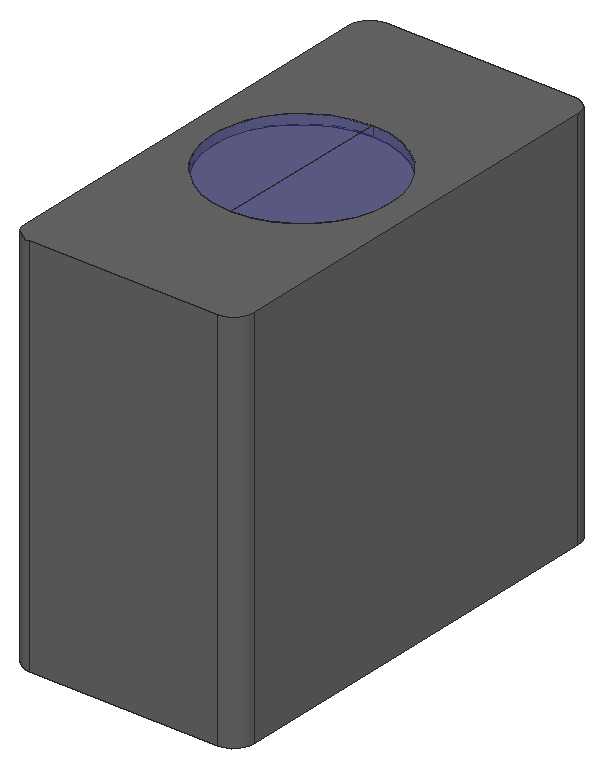
Revit family "Domotics-DomesticRanges-GEWISS-SYSTEM_SIGNALLING-LAMP_1M", category Apparecchi elettrici, host Superficie, Revit 2016
Family settings
  Host = Superficie
  Mantenere orientamento annotazione = Sì
  Tipo di parte = Normale
  Quota connettore circolare = Usa diametro
  Taglio con vuoti quando caricato = Sì
  Condiviso = Sì
  Punto di calcolo locali = Sì
Parameters (values of type "GW21631 - Ind.light-blue flat diff. black")
  Voltage: = "12/24/250V AC"
  Voltage = "12/24/250V AC"
  Volt = 230 V
  Vista in pianta [instance] = yes
  Version file RFA = "19.4"
  URL = "https://www.gewiss.com/ww/en"
  Type: = "Single"
  Type = "Single"
  Technical sheet = "https://www.gewiss.com/ww/en/search?q=GW21631"
  TIPO_ = System Spie 1M_GENERICO : GW21631 Spia piana diffusore azzurro nero
  Simbolo [instance] = yes
  SEO = "Indicator"
  Realized by GEWISS S.p.A. = ""
  Default Elevation = 1219.2 mm
  Produttore = "GEWISS S.p.A."
  Offset presa [instance] = 0 mm
  Offset bidimensionale [instance] = 39 mm
  No. SYSTEM modules = "1"
  N. poli = 1
  Modello = "GW21631"
  Lamp holder = "Cartridge"
  Immagine tipo = GW21631.jpg
  IFC.TypeObject = ""
  IFC.ExportType = ""
  IFC.ExportAs = ""
  IDT = "e934abc8-67f1-4d65-9d07-b179970d7e55"
  IDF = "fa61e156-ee9e-44cf-9531-f9ff91addf2c"
  Fixing for lamp = "Cartridge"
  Electrocod = "0132"
  EAN code = "8011564129733"
  Distanza_x [instance] = 0 mm
  Distanza_effettiva_y [instance] = 100 mm
  Distanza_effettiva_x [instance] = 1000 mm - Distanza_x  # 1000 mm
  Distanza orizzontale del simbolo [instance] = 101.814 mm
  Distanza dal muro [instance] = 4.208 mm
  Diffusor type = "Flat"
  Diffuser meaning = "Specific"
  Diffuser colour: = "Light blue"
  Diffuser colour = "Light blue"
  Descrizione = "IND.LIGHT-BLUE FLAT DIFF.SY/BK"
  Description. = "Flat indicator lamp"
  Colour = "Black"
  Catalogue Range = "SYSTEM - DOMESTIC RANGE"
  Catalogue = "DOMOTICS"
  Carico apparente = 0 VA
  COBie.Tagnumber = ""
  COBie.CreatedOn = ""
  COBie.CreatebBy = ""
  COBie.ComponentRegisterItemID = ""
  COBie.Component.TagNumber = ""
  COBie.Component.Space = ""
  COBie.Component.SerialNumber = ""
  COBie.Component.InstallationDate = ""
  COBie.Component.Description = ""
  COBie.Component.BarCode = ""
Types (10, lengths in mm): name | Technical sheet | TIPO_ | Modello | Immagine tipo | IDT | EAN code | Diffuser meaning | Diffuser colour: | Diffuser colour | Descrizione | Colour
  GW20603 - Ind.light-red flat diff. white | "https://www.gewiss.com/ww/en/search?q=GW20603" | System Spie 1M_GENERICO : GW20603 Spia piana diffusore rosso bianco | "GW20603" | GW20603.jpg | "1ff6ce26-d1a2-4239-9ffa-73e27b560731" | "8011564000926" | "Danger" | "Red" | "Red" | "IND.LIGHT-RED FLAT DIFF.SY/WT" | "White"
  GW20604 - Ind.light-green flat diff. white | "https://www.gewiss.com/ww/en/search?q=GW20604" | System Spie 1M_GENERICO : GW20604 Spia piana diffusore verde bianco | "GW20604" | GW20604.jpg | "81b4355a-8bd5-4424-b56c-d8b93510c6c6" | "8011564000933" | "Safety" | "Green" | "Green" | "IND.LIGHT-GREEN FLAT DIFF.SY/WT" | "White"
  GW20605 - Ind.light-yellow flat diff. white | "https://www.gewiss.com/ww/en/search?q=GW20605" | System Spie 1M_GENERICO : GW20605 Spia piana diffusore giallo bianco | "GW20605" | GW20605.jpg | "976b318f-22f8-436a-8892-610c52a6f50d" | "8011564000940" | "Attention" | "Yellow" | "Yellow" | "IND.LIGHT-YELLOW FLAT DIFF.SY/WT" | "White"
  GW20606 - Ind.light-transp.flat diff. white | "https://www.gewiss.com/ww/en/search?q=GW20606" | System Spie 1M_GENERICO : GW20606 Spia piana diffusore trasparente bianco | "GW20606" | GW20606.jpg | "93dffec4-0173-4bc8-8f63-78f60ebcad31" | "8011564000957" | "Neutral" | "Transparent" | "Transparent" | "IND.LIGHT-TRANSP.FLAT DIFF.SY/WT" | "White"
  GW20631 - Ind.light-blue flat diff. white | "https://www.gewiss.com/ww/en/search?q=GW20631" | System Spie 1M_GENERICO : GW20631 Spia piana diffusore azzurro bianco | "GW20631" | GW20631.jpg | "f97b8514-8432-47f6-ad2f-a88f1f5025a5" | "8011564024830" | "Specific" | "Light blue" | "Light blue" | "IND.LIGHT-BLUE FLAT DIFF.SY/WT" | "White"
  GW21603 - Ind.light-red flat diff. black | "https://www.gewiss.com/ww/en/search?q=GW21603" | System Spie 1M_GENERICO : GW21603 Spia piana diffusore rosso nero | "GW21603" | GW21603.jpg | "8f36d5e7-042c-414b-aa55-b509f4aa04f3" | "8011564129696" | "Danger" | "Red" | "Red" | "IND.LIGHT-RED FLAT DIFF.SY/BK" | "Black"
  GW21604 - Ind.light-green flat diff. black | "https://www.gewiss.com/ww/en/search?q=GW21604" | System Spie 1M_GENERICO : GW21604 Spia piana diffusore verde nero | "GW21604" | GW21604.jpg | "a74afd47-90f7-42d4-9bd2-84053eac5d16" | "8011564129702" | "Safety" | "Green" | "Green" | "IND.LIGHT-GREEN FLAT DIFF.SY/BK" | "Black"
  GW21605 - Ind.light-yellow flat diff. black | "https://www.gewiss.com/ww/en/search?q=GW21605" | System Spie 1M_GENERICO : GW21605 Spia piana diffusore giallo nero | "GW21605" | GW21605.jpg | "c3f2e12f-9939-4aa8-8552-20b25e6142e1" | "8011564129719" | "Attention" | "Yellow" | "Yellow" | "IND.LIGHT-YELLOW FLAT DIFF.SY/BK" | "Black"
  GW21606 - Ind.light-transp.flat diff. black | "https://www.gewiss.com/ww/en/search?q=GW21606" | System Spie 1M_GENERICO : GW21606 Spia piana diffusore trasparente nero | "GW21606" | GW21606.jpg | "14664f73-e8d2-423a-82fa-353adbebc377" | "8011564129726" | "Neutral" | "Transparent" | "Transparent" | "IND.LIGHT-TRANSP.FLAT DIFF.SY/BK" | "Black"
  GW21631 - Ind.light-blue flat diff. black | "https://www.gewiss.com/ww/en/search?q=GW21631" | System Spie 1M_GENERICO : GW21631 Spia piana diffusore azzurro nero | "GW21631" | GW21631.jpg | "e934abc8-67f1-4d65-9d07-b179970d7e55" | "8011564129733" | "Specific" | "Light blue" | "Light blue" | "IND.LIGHT-BLUE FLAT DIFF.SY/BK" | "Black"
Reference planes
  plane 1 "Centro (Fronte/Retro)": y = 0
  plane 2: z = 0
  plane 3 "Centro (Sinistra/Destra)": x = 0
  plane 4: x = -1000
  plane 5: x = 0
  plane 6: y = 100
  plane 7: z = 0
  plane 8: z = 39
Lines and regions (mm)
  Masking region 1, visible <- "Vista in pianta"
    outline origin (0, 0, 0) x (1, 0, 0) y (0, 1, 0)
      loop
        line (-11.5, 22.5) -> (-11.5, -22.5) -> (11.5, -22.5) -> (11.5, 22.5) -> (-11.5, 22.5)
      loop
        circle (0, 0) r 8.942
  Masking region 2, visible <- "Vista in pianta"
    outline origin (0, 0, 0) x (1, 0, 0) y (0, 0, 1)
      loop
        line (-11.5, 39) -> (-11.5, 0) -> (11.5, 0) -> (11.5, 39) -> (-11.5, 39)
  Masking region 3, visible <- "Vista in pianta"
    outline origin (0, 0, 0) x (0, 1, 0) y (0, 0, 1)
      loop
        line (-22.5, 39) -> (-22.5, 0) -> (22.5, 0) -> (22.5, 39) -> (-22.5, 39)
Dimensions and locks
  plane 4 to plane 3 "Centro (Sinistra/Destra)" = 1000 mm
  "Distanza_effettiva_x": plane 4 to plane 5
  "Distanza_effettiva_y": plane 6 to plane 1 "Centro (Fronte/Retro)"
  "Offset presa": plane 7 to host face
  "Offset bidimensionale": plane 8 to host face
  aligned and locked: plane 2 to host face
  aligned and locked: level to host face
  aligned and locked: plane 3 "Centro (Sinistra/Destra)" to nested 1
  aligned and locked: plane 1 "Centro (Fronte/Retro)" to nested 1
  aligned and locked: plane 5 to nested 2
  aligned and locked: nested 2 to plane 6
  aligned and locked: Masking region 2 sketch curve to nested 1  (x4)
  aligned and locked: Masking region 3 sketch curve to nested 1  (x3)
  aligned and locked: Masking region 1 sketch curve to nested 1  (x4)
  aligned and locked: import instance to plane 8
  aligned and locked: nested 1 to plane 7
Automatic sketch dimensions
  host sketch curve to host sketch curve = 2438.4 mm  (x2)
  Masking region 3 sketch curve to plane 1 "Centro (Fronte/Retro)" = 22.5 mm
  Masking region 1 sketch curve to Masking region 1 sketch curve = 0 mm  (x2)
  plane 1 "Centro (Fronte/Retro)" to Masking region 1 sketch curve = 0 mm
  Masking region 1 sketch curve to plane 3 "Centro (Sinistra/Destra)" = 0 mm
  plane 1 "Centro (Fronte/Retro)" to Masking region 1 sketch curve = 8.942 mm
Nested families
  nested 1: "System Spie 1M_GENERICO" at (0, 0, 0), type <- "TIPO_", type "GW21631 Spia piana diffusore azzurro nero", detail levels medium+fine
  nested 2: "SPIE" at (0, 100, 0), Distanza dal muro <- "Distanza dal muro", SIMBOLO <- "Simbolo", visible <- "Simbolo", type "SPIE"
    with SIMBOLO yes, Distanza dal muro 4.208 mm, BORDO ACCESO yes
Connectors
  electrical at (0, 0, 0), driven by "N. poli", driven by "Volt", driven by "Carico apparente"
    settings: on nested 1, index 1, voltage 230 V, apparent load 0 VA, apparent load phase1 0 VA, apparent load phase2 0 VA, apparent load phase3 0 VA, power factor 1, load classification "Altro", number of poles 1, system type 31, power factor state 1, is connector primary yes, connector utility no, sub classification motor no, connector description ""
Definition of nested family "System Spie 1M_GENERICO"
  Parameters (values of type "GW21631 Spia piana diffusore azzurro nero")
    Profondità presa = 39 mm
    PLACCA = none
    Finitura Spia = none
    Altezza da Terra = 500 mm
  Types (10, lengths in mm): name | Altezza da Terra
    GW20603 Spia piana diffusore rosso bianco | 750
    GW20604 Spia piana diffusore verde bianco | 750
    GW20605 Spia piana diffusore giallo bianco | 750
    GW20606 Spia piana diffusore trasparente bianco | 750
    GW20631 Spia piana diffusore azzurro bianco | 750
    GW21603 Spia piana diffusore rosso nero | 750
    GW21604 Spia piana diffusore verde nero | 750
    GW21605 Spia piana diffusore giallo nero | 750
    GW21606 Spia piana diffusore trasparente nero | 750
    GW21631 Spia piana diffusore azzurro nero | 500
  Reference planes
    plane 1 "Centro (Fronte/Retro)": y = 0
    plane 2: z = 0
    plane 3 "Centro (Sinistra/Destra)": x = 0
    plane 4: z = 38.018
    plane 5: z = 39
  Forms (mm)
    Extrusion 1, solid, material <- "PLACCA"
      sketch origin (0, -772.5, 39) x (1, 0, 0) y (0, 1, 0)
        loop
          line (-9.5, 750) -> (9.5, 750)
          arc (9.5, 750) -> (10.914, 750.586) -> (11.5, 752) r 2
          line (11.5, 752) -> (11.5, 793)
          arc (11.5, 793) -> (10.914, 794.414) -> (9.5, 795) r 2
          line (9.5, 795) -> (-9.5, 795)
          arc (-9.5, 795) -> (-10.914, 794.414) -> (-11.5, 793) r 2
          line (-11.5, 793) -> (-11.5, 752)
          arc (-11.5, 752) -> (-10.914, 750.586) -> (-9.5, 750) r 2
      from 0 to -39
    Extrusion 2, void
      sketch origin (0, -772.5, 39) x (1, 0, 0) y (0, 1, 0)
        loop
          circle (0, 772.5) r 8.942
      from 0 to -0.982
    Revolve 3, solid, material <- "Finitura Spia"
      sketch origin (0, -772.5, 39) x (0, 0, -1) y (0, 1, 0)
        loop
          line (0.982, 772.5) -> (0, 772.5) -> (0, 763.558) -> (0.982, 763.558) -> (0.982, 772.5)
        axis (0.982, 772.5) -> (-0.018, 772.5)
      angle from 0 to 360
  Cuts and joins
    Extrusion 2 cuts Extrusion 1
  Dimensions and locks
    locked: cut or joined group of Extrusion 1, Extrusion 2 to plane 4 at 0.982
    "Profondità presa": plane 5 to level
    aligned and locked: level to plane 2
    aligned and locked: cut or joined group of Extrusion 1, Extrusion 2 to cut or joined group of Extrusion 1, Extrusion 2
    aligned and locked: cut or joined group of Extrusion 1, Extrusion 2 to Revolve 3 sketch curve
    aligned and locked: plane 4 to Extrusion 2
    aligned and locked: Extrusion 1 to Extrusion 2
    aligned and locked: cut or joined group of Extrusion 1, Extrusion 2 to level
  Automatic sketch dimensions
    Extrusion 1 sketch curve to plane 3 "Centro (Sinistra/Destra)" = 11.5 mm
    Extrusion 1 sketch curve to Extrusion 1 sketch curve = 2 mm  (x3)
    plane 3 "Centro (Sinistra/Destra)" to Extrusion 1 sketch curve = 9.5 mm  (x2)
    plane 1 "Centro (Fronte/Retro)" to Extrusion 1 sketch curve = 22.5 mm
    Extrusion 1 sketch curve to plane 1 "Centro (Fronte/Retro)" = 20.5 mm
    Extrusion 2 sketch curve to Extrusion 2 sketch curve = 0 mm  (x2)
    Extrusion 2 sketch curve to plane 3 "Centro (Sinistra/Destra)" = 0 mm
    plane 1 "Centro (Fronte/Retro)" to Extrusion 2 sketch curve = 0 mm
    Extrusion 2 sketch curve to Extrusion 2 sketch curve = 8.942 mm
    Revolve 3 sketch curve to plane 1 "Centro (Fronte/Retro)" = 0 mm  (x2)
    plane 4 to Revolve 3 sketch curve = 0 mm  (x2)
    Revolve 3 sketch curve to Revolve 3 sketch curve = 8.942 mm
    Revolve 3 sketch curve to Revolve 3 sketch curve = 4.651 mm
Definition of nested family "SPIE"
  Parameters (values of type "SEGNAP")
    tipo = SPIE_BASE : SEGNAP
    SIMBOLO [instance] = yes
    Distanza dal muro [instance] = 4.208 mm
    BORDO ACCESO [instance] = yes
  Types (3, lengths in mm): name | tipo
    SPIE DOPPIE | SPIE_BASE : SPIE DOPPIE
    SPIE | SPIE_BASE : SPIE
    SEGNAP | SPIE_BASE : SEGNAP
  Reference planes
    plane 1: y = 0
    plane 2: x = 0
  Lines and regions (mm)
    detail lines, visible <- "BORDO ACCESO", not visible
      curve 1: line (-2.25, 0.412, 0) -> (2.25, 0.412, 0)
      curve 2: line (2.25, 0.412, 0) -> (2.25, -5.588, 0)
      curve 3: line (2.25, -5.588, 0) -> (-2.25, -5.588, 0)
      curve 4: line (-2.25, -5.588, 0) -> (-2.25, 0.412, 0)
      curve 30: line (-1.85, 0.012, 0) -> (1.85, 0.012, 0)
      curve 31: line (1.85, 0.012, 0) -> (1.85, -5.188, 0)
      curve 32: line (1.85, -5.188, 0) -> (-1.85, -5.188, 0)
      curve 33: line (-1.85, -5.188, 0) -> (-1.85, 0.012, 0)
      curve 34: line (-2.25, 6, 0) -> (2.25, 6, 0)
      curve 35: line (2.25, 6, 0) -> (2.25, 0, 0)
      curve 36: line (2.25, 0, 0) -> (-2.25, 0, 0)
      curve 37: line (-2.25, 0, 0) -> (-2.25, 6, 0)
      curve 61: line (-1.85, 5.6, 0) -> (1.85, 5.6, 0)
      curve 62: line (1.85, 5.6, 0) -> (1.85, 0.4, 0)
      curve 63: line (1.85, 0.4, 0) -> (-1.85, 0.4, 0)
      curve 64: line (-1.85, 0.4, 0) -> (-1.85, 5.6, 0)
      curve 65: line (-2.443, 10.208, 0) -> (2.057, 10.208, 0)
      curve 66: line (2.057, 10.208, 0) -> (2.057, 4.208, 0)
      curve 67: line (2.057, 4.208, 0) -> (-2.443, 4.208, 0)
      curve 68: line (-2.443, 4.208, 0) -> (-2.443, 10.208, 0)
      curve 69: line (-2.043, 9.808, 0) -> (1.657, 9.808, 0)
      curve 70: line (1.657, 9.808, 0) -> (1.657, 4.608, 0)
      curve 71: line (1.657, 4.608, 0) -> (-2.043, 4.608, 0)
      curve 72: line (-2.043, 4.608, 0) -> (-2.043, 9.808, 0)
    detail lines, not visible
      curve 5: line (-9.473, -5.588, 0) -> (10.527, -5.588, 0)
      curve 6: circle (-0.56, -0.487, 0) r 0.969 normal (0, 0, 1)
      curve 7: line (-0.005, 0.306, 0) -> (0.852, 1.529, 0)
      curve 8: line (0.852, 1.529, 0) -> (1.529, 1.047, 0)
      curve 9: circle (-0.56, -315.487, 0) r 0.969 normal (0, 0, 1)
      curve 10: line (-0.005, -314.694, 0) -> (0.852, -313.471, 0)
      curve 11: line (0.852, -313.471, 0) -> (1.529, -313.953, 0)
      curve 12: line (-1.245, -314.803, 0) -> (0.124, -316.172, 0)
      curve 13: line (0.124, -314.803, 0) -> (-1.245, -316.172, 0)
      curve 14: circle (-0.56, -480.487, 0) r 0.969 normal (0, 0, 1)
      curve 15: line (-0.005, -479.694, 0) -> (0.852, -478.471, 0)
      curve 16: line (0.852, -478.471, 0) -> (1.529, -478.953, 0)
      curve 17: line (0.493, -478.983, 0) -> (1.167, -479.462, 0)
      curve 18: circle (-0.56, -880.487, 0) r 0.969 normal (0, 0, 1)
      curve 19: line (-0.005, -879.694, 0) -> (0.852, -878.471, 0)
      curve 20: line (0.852, -878.471, 0) -> (1.529, -878.953, 0)
      curve 21: line (-1.245, -879.803, 0) -> (0.124, -881.172, 0)
      curve 22: line (0.124, -879.803, 0) -> (-1.245, -881.172, 0)
      curve 23: line (0.493, -878.983, 0) -> (1.167, -879.462, 0)
      curve 24: circle (-0.56, -365.487, 0) r 0.969 normal (0, 0, 1)
      curve 25: line (-0.005, -364.694, 0) -> (0.852, -363.471, 0)
      curve 26: line (0.852, -363.471, 0) -> (1.529, -363.953, 0)
      curve 27: line (-0.56, -364.925, 0) -> (-0.56, -366.05, 0)
      curve 28: line (0.493, -363.983, 0) -> (1.167, -364.462, 0)
      curve 29: line (0, 3.621, 0) -> (0, -16.379, 0)
      curve 38: circle (-0.56, 2.417, 0) r 0.969 normal (0, 0, 1)
      curve 39: line (-0.005, 3.21, 0) -> (0.852, 4.433, 0)
      curve 40: line (0.852, 4.433, 0) -> (1.529, 3.951, 0)
      curve 41: circle (-0.56, 2.417, 0) r 0.969 normal (0, 0, 1)
      curve 42: line (-0.005, 3.21, 0) -> (0.852, 4.433, 0)
      curve 43: line (0.852, 4.433, 0) -> (1.529, 3.951, 0)
      curve 44: line (-1.245, 3.102, 0) -> (0.124, 1.732, 0)
      curve 45: line (0.124, 3.102, 0) -> (-1.245, 1.732, 0)
      curve 46: circle (-0.56, 2.417, 0) r 0.969 normal (0, 0, 1)
      curve 47: line (-0.005, 3.21, 0) -> (0.852, 4.433, 0)
      curve 48: line (0.852, 4.433, 0) -> (1.529, 3.951, 0)
      curve 49: circle (-0.56, 2.417, 0) r 0.969 normal (0, 0, 1)
      curve 50: line (-0.005, 3.21, 0) -> (0.852, 4.433, 0)
      curve 51: line (0.852, 4.433, 0) -> (1.529, 3.951, 0)
      curve 52: line (-1.245, 3.102, 0) -> (0.124, 1.732, 0)
      curve 53: line (0.124, 3.102, 0) -> (-1.245, 1.732, 0)
      curve 54: line (0.493, 3.921, 0) -> (1.167, 3.442, 0)
      curve 55: line (0.493, 3.921, 0) -> (1.167, 3.442, 0)
      curve 56: circle (-0.56, 2.417, 0) r 0.969 normal (0, 0, 1)
      curve 57: line (-0.005, 3.21, 0) -> (0.852, 4.433, 0)
      curve 58: line (0.852, 4.433, 0) -> (1.529, 3.951, 0)
      curve 59: line (-0.56, 2.979, 0) -> (-0.56, 1.854, 0)
      curve 60: line (0.493, 3.921, 0) -> (1.167, 3.442, 0)
  Dimensions and locks
    aligned and locked: curve 5 to curve 3
    aligned and locked: plane 2 to nested 1
    aligned and locked: plane 1 to nested 1
  Nested families
    nested 1: "SPIE_BASE" at (0, 0, 0), BORDO ACCESO <- "BORDO ACCESO", type <- "tipo", visible <- "SIMBOLO", type "SEGNAP"
      with BORDO ACCESO yes
  Definition of nested family "SPIE_BASE"
    Parameters (values of type "SPIE DOPPIE")
      SPIE DOPPIE = yes
      SPIE = no
      SEGNAP = no
      Distanza dal muro = 4.208 mm
      BORDO ACCESO [instance] = yes
    Types (3, lengths in mm): name | SPIE DOPPIE | SPIE | SEGNAP
      SPIE | no | yes | no
      SPIE DOPPIE | yes | no | no
      SEGNAP | no | yes | yes
    Reference planes
      plane 1: y = 0
      plane 2: x = 0
    Lines and regions (mm)
      detail lines, visible <- "BORDO ACCESO", not visible
        curve 1: line (-2.25, 0.412, 0) -> (2.25, 0.412, 0)
        curve 2: line (2.25, 0.412, 0) -> (2.25, -5.588, 0)
        curve 3: line (2.25, -5.588, 0) -> (-2.25, -5.588, 0)
        curve 4: line (-2.25, -5.588, 0) -> (-2.25, 0.412, 0)
        curve 30: line (-1.85, 0.012, 0) -> (1.85, 0.012, 0)
        curve 31: line (1.85, 0.012, 0) -> (1.85, -5.188, 0)
        curve 32: line (1.85, -5.188, 0) -> (-1.85, -5.188, 0)
        curve 33: line (-1.85, -5.188, 0) -> (-1.85, 0.012, 0)
        curve 34: line (-2.25, 6, 0) -> (2.25, 6, 0)
        curve 35: line (2.25, 6, 0) -> (2.25, 0, 0)
        curve 36: line (2.25, 0, 0) -> (-2.25, 0, 0)
        curve 37: line (-2.25, 0, 0) -> (-2.25, 6, 0)
        curve 61: line (-1.85, 5.6, 0) -> (1.85, 5.6, 0)
        curve 62: line (1.85, 5.6, 0) -> (1.85, 0.4, 0)
        curve 63: line (1.85, 0.4, 0) -> (-1.85, 0.4, 0)
        curve 64: line (-1.85, 0.4, 0) -> (-1.85, 5.6, 0)
        curve 65: line (-2.443, 10.208, 0) -> (2.057, 10.208, 0)
        curve 66: line (2.057, 10.208, 0) -> (2.057, 4.208, 0)
        curve 67: line (2.057, 4.208, 0) -> (-2.443, 4.208, 0)
        curve 68: line (-2.443, 4.208, 0) -> (-2.443, 10.208, 0)
        curve 69: line (-2.043, 9.808, 0) -> (1.657, 9.808, 0)
        curve 70: line (1.657, 9.808, 0) -> (1.657, 4.608, 0)
        curve 71: line (1.657, 4.608, 0) -> (-2.043, 4.608, 0)
        curve 72: line (-2.043, 4.608, 0) -> (-2.043, 9.808, 0)
      detail lines, not visible
        curve 5: line (-9.473, -5.588, 0) -> (10.527, -5.588, 0)
        curve 6: circle (-0.56, -0.487, 0) r 0.969 normal (0, 0, 1)
        curve 7: line (-0.005, 0.306, 0) -> (0.852, 1.529, 0)
        curve 8: line (0.852, 1.529, 0) -> (1.529, 1.047, 0)
        curve 9: circle (-0.56, -315.487, 0) r 0.969 normal (0, 0, 1)
        curve 10: line (-0.005, -314.694, 0) -> (0.852, -313.471, 0)
        curve 11: line (0.852, -313.471, 0) -> (1.529, -313.953, 0)
        curve 12: line (-1.245, -314.803, 0) -> (0.124, -316.172, 0)
        curve 13: line (0.124, -314.803, 0) -> (-1.245, -316.172, 0)
        curve 14: circle (-0.56, -480.487, 0) r 0.969 normal (0, 0, 1)
        curve 15: line (-0.005, -479.694, 0) -> (0.852, -478.471, 0)
        curve 16: line (0.852, -478.471, 0) -> (1.529, -478.953, 0)
        curve 17: line (0.493, -478.983, 0) -> (1.167, -479.462, 0)
        curve 18: circle (-0.56, -880.487, 0) r 0.969 normal (0, 0, 1)
        curve 19: line (-0.005, -879.694, 0) -> (0.852, -878.471, 0)
        curve 20: line (0.852, -878.471, 0) -> (1.529, -878.953, 0)
        curve 21: line (-1.245, -879.803, 0) -> (0.124, -881.172, 0)
        curve 22: line (0.124, -879.803, 0) -> (-1.245, -881.172, 0)
        curve 23: line (0.493, -878.983, 0) -> (1.167, -879.462, 0)
        curve 24: circle (-0.56, -365.487, 0) r 0.969 normal (0, 0, 1)
        curve 25: line (-0.005, -364.694, 0) -> (0.852, -363.471, 0)
        curve 26: line (0.852, -363.471, 0) -> (1.529, -363.953, 0)
        curve 27: line (-0.56, -364.925, 0) -> (-0.56, -366.05, 0)
        curve 28: line (0.493, -363.983, 0) -> (1.167, -364.462, 0)
        curve 29: line (0, 3.621, 0) -> (0, -16.379, 0)
        curve 38: circle (-0.56, 2.417, 0) r 0.969 normal (0, 0, 1)
        curve 39: line (-0.005, 3.21, 0) -> (0.852, 4.433, 0)
        curve 40: line (0.852, 4.433, 0) -> (1.529, 3.951, 0)
        curve 41: circle (-0.56, 2.417, 0) r 0.969 normal (0, 0, 1)
        curve 42: line (-0.005, 3.21, 0) -> (0.852, 4.433, 0)
        curve 43: line (0.852, 4.433, 0) -> (1.529, 3.951, 0)
        curve 44: line (-1.245, 3.102, 0) -> (0.124, 1.732, 0)
        curve 45: line (0.124, 3.102, 0) -> (-1.245, 1.732, 0)
        curve 46: circle (-0.56, 2.417, 0) r 0.969 normal (0, 0, 1)
        curve 47: line (-0.005, 3.21, 0) -> (0.852, 4.433, 0)
        curve 48: line (0.852, 4.433, 0) -> (1.529, 3.951, 0)
        curve 49: circle (-0.56, 2.417, 0) r 0.969 normal (0, 0, 1)
        curve 50: line (-0.005, 3.21, 0) -> (0.852, 4.433, 0)
        curve 51: line (0.852, 4.433, 0) -> (1.529, 3.951, 0)
        curve 52: line (-1.245, 3.102, 0) -> (0.124, 1.732, 0)
        curve 53: line (0.124, 3.102, 0) -> (-1.245, 1.732, 0)
        curve 54: line (0.493, 3.921, 0) -> (1.167, 3.442, 0)
        curve 55: line (0.493, 3.921, 0) -> (1.167, 3.442, 0)
        curve 56: circle (-0.56, 2.417, 0) r 0.969 normal (0, 0, 1)
        curve 57: line (-0.005, 3.21, 0) -> (0.852, 4.433, 0)
        curve 58: line (0.852, 4.433, 0) -> (1.529, 3.951, 0)
        curve 59: line (-0.56, 2.979, 0) -> (-0.56, 1.854, 0)
        curve 60: line (0.493, 3.921, 0) -> (1.167, 3.442, 0)
      detail lines, visible <- "SPIE"
        curve 73: line (-0.354, 1.604, 0) -> (0.354, 0.896, 0)
        curve 74: circle (0, 1.25, 0) r 0.5 normal (0, 0, 1)
        curve 75: line (0.354, 1.604, 0) -> (-0.354, 0.896, 0)
      detail lines, visible <- "SPIE DOPPIE"
        curve 76: line (-0.354, 2.152, 0) -> (0.354, 1.445, 0)
        curve 77: circle (0, 1.799, 0) r 0.5 normal (0, 0, 1)
        curve 78: line (0.354, 2.152, 0) -> (-0.354, 1.445, 0)
        curve 79: line (-0.354, 0.348, 0) -> (0.354, 1.055, 0)
        curve 80: circle (0, 0.701, 0) r 0.5 normal (0, 0, -1)
        curve 81: line (0.354, 0.348, 0) -> (-0.354, 1.055, 0)
      detail lines, visible <- "SEGNAP"
        curve 82: line (-0.77, 1.96, 0) -> (0.77, 1.96, 0)
        curve 83: line (-0.77, 0.543, 0) -> (-0.77, 1.96, 0)
        curve 84: line (0.77, 0.543, 0) -> (-0.77, 0.543, 0)
        curve 85: line (0.77, 1.96, 0) -> (0.77, 0.543, 0)
    Dimensions and locks
      aligned and locked: curve 5 to curve 3
